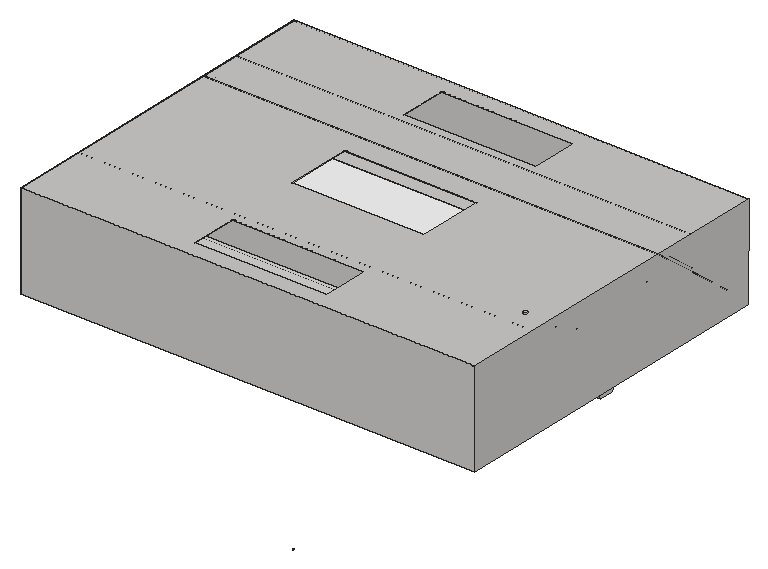
Revit family "QF_ELECTROLUXPROFESSIONAL_640235_STCF1824", category Specialty Equipment, Revit 2014
Reference planes
  plane 1: z = 0
  plane 2 "Center (Left/Right)": x = 150
  plane 3 "LEFT": x = -1050
  plane 4 "RIGHT": x = 1350
  plane 5 "BACK": y = 550
  plane 6 "TOP": z = 2500
  plane 7 "Base": z = 2000
  plane 8: z = 1955
  plane 9: x = -1047
  plane 10 "DrainX": x = 1230
  plane 11 "AOLeft2": x = 500
  plane 12: x = 1347
  plane 13: x = -850
  plane 14: x = 1150
  plane 15 "Center (Front/Back)": y = -350
  plane 16 "Front": y = -1250
  plane 17 "AOLeft1": x = -200
  plane 18 "EI_y": y = -770
  plane 19 "EIx": x = 1230
  plane 20: y = 464
  plane 21: y = 214
  plane 22: y = -1164
  plane 23: y = -914
  plane 24: y = -175
  plane 25: y = -525
Forms (mm)
  Extrusion 1, solid, material "QF_Finishes_Stainless Steel"
    sketch origin (-1050, 0, 360) x (0, 1, 0) y (0, 0, 1)
      loop
        line (550, 1640) -> (550, 2140) -> (-1250, 2140) -> (-1250, 1640) -> (550, 1640)
    from 0 to 3
  Extrusion 2, solid, material "QF_Finishes_Stainless Steel"
    sketch origin (1350, 0, 360) x (0, 1, 0) y (0, 0, 1)
      loop
        line (550, 1640) -> (550, 2140) -> (-1250, 2140) -> (-1250, 1640) -> (550, 1640)
    from 0 to -3
  Extrusion 3, solid, material "QF_Finishes_Stainless Steel"
    sketch origin (150, 0, 360) x (0, 1, 0) y (0, 0, 1)
      loop
        line (-1250, 2140) -> (-1250, 1640) -> (-1240, 1640) -> (-1240, 1640.8) -> (-1249.2, 1640.8) -> (-1249.2, 2139.19) -> (549.2, 2139.19) -> (549.2, 1640.8) -> (540, 1640.8) -> (540, 1640) -> (550, 1640) -> (550, 2140) -> (-1250, 2140)
    from -1200 to 1200
  Extrusion 4, solid, material "QF_Finishes_Stainless Steel"
    sketch origin (0, -840, 2000) x (0, 1, 0) y (-1, 0, 0)
      loop
        circle (490, -1230) r 4.763
    from -30 to 0
  Extrusion 5, void
    sketch origin (0, 0, 2500) x (0, 1, 0) y (-1, 0, 0)
      loop
        line (-1164, -500) -> (-914, -500) -> (-914, 200) -> (-1164, 200) -> (-1164, -500)
    from 0 to -10
  Extrusion 6, solid, material "QF_Finishes_Stainless Steel"
    sketch origin (0, 0, 0) x (1, 0, 0) y (0, 1, 0)
      loop
        line (-1050, 550) -> (-1050, 549) -> (-1049, 549) -> (-1049, 550) -> (-1050, 550)
    from 0 to 1
  Sweep 7, solid, material "QF_Finishes_Stainless Steel"
    path origin (0, 0, 0) x (1, 0, 0) y (0, 1, 0)
      loop
        line (1350, 550) -> (-1050, 550) -> (-1050, -1250) -> (1350, -1250) -> (1350, 550)
    profile origin (1350, -350, 0) x (1, 0, 0) y (0, 0, 1)
      loop
        line (-3, 2000) -> (-3, 2000.8) -> (-19, 2000.8) -> (-19, 2010) -> (-20, 2010) -> (-20, 2000) -> (-3, 2000)
  Extrusion 8, solid, material "QF_Finishes_Stainless Steel"
    sketch origin (150, -826.94, 0) x (0, 1, 0) y (0, 0, 1)
      loop
        line (414.66, 2095.469) -> (440.643, 2110.471) -> (261.744, 2411.771) -> (235.948, 2396.455) -> (414.66, 2095.469)
    from -1197 to -1000
  Extrusion 9, solid, material "QF_Finishes_Stainless Steel"
    sketch origin (1230, -840, 0) x (0, 1, 0) y (0, 0, 1)
      loop
        line (539, 2000) -> (441, 2000) -> (441, 1989) -> (448.5, 1989) -> (448.5, 1965)
        arc (448.5, 1965) -> (451.429, 1957.929) -> (458.5, 1955) r 10
        line (458.5, 1955) -> (521.5, 1955)
        arc (521.5, 1955) -> (528.571, 1957.929) -> (531.5, 1965) r 10
        line (531.5, 1965) -> (531.5, 1989) -> (539, 1989) -> (539, 2000)
    from 90 to -90
  Extrusion 10, solid, material "QF_Finishes_Stainless Steel"
    sketch origin (150, -826.94, 0) x (0, 1, 0) y (0, 0, 1)
      loop
        line (414.66, 2095.469) -> (440.643, 2110.471) -> (261.744, 2411.771) -> (235.948, 2396.455) -> (414.66, 2095.469)
    from 1000 to 1197
  Extrusion 11, solid, material "QF_Finished_Chrome"
    sketch origin (150, -826.94, 0) x (0, 1, 0) y (0, 0, 1)
      loop
        line (414.66, 2095.469) -> (440.643, 2110.471) -> (261.744, 2411.771) -> (235.948, 2396.455) -> (414.66, 2095.469)
    from -1000 to 1000
  Extrusion 12, void
    sketch origin (0, 1180, 2500) x (0, 1, 0) y (-1, 0, 0)
      loop
        line (-1355, -500) -> (-1355, 200) -> (-1705, 200) -> (-1705, -500) -> (-1355, -500)
    from 0 to -10
  Extrusion 13, solid, material "QF_Finishes_Stainless Steel"
    sketch origin (0, 0, 2500) x (0, 1, 0) y (-1, 0, 0)
      loop
        circle (-770, -1230) r 10
    from 0 to 1.6
  Extrusion 14, solid, material "QF_Finishes_Stainless Steel"
    sketch origin (150, -826.94, 360) x (0, 1, 0) y (0, 0, 1)
      loop
        line (430.005, 1640) -> (476.94, 1640) -> (476.94, 1640.8) -> (430.467, 1640.8) -> (371.906, 1742.23) -> (414.858, 1734.657) -> (442.266, 1750.481) -> (442.266, 1765.943) -> (441.466, 1765.943) -> (441.466, 1750.943) -> (414.709, 1735.495) -> (321.153, 1751.991) -> (320.875, 1750.416) -> (371.4, 1741.507) -> (430.005, 1640)
      loop
        line (172.529, 2139.19) -> (242.893, 2017.316) -> (245.133, 2018.715) -> (240.13, 2027.381) -> (238.569, 2026.405) -> (173.453, 2139.19) -> (172.529, 2139.19)
    from -1197 to 1197
  Extrusion 15, solid, material "QF_LAMPS"
    sketch origin (150, 0, 360) x (0, 1, 0) y (0, 0, 1)
      loop
        line (-872.823, 1962.324) -> (-718.948, 2086.929) -> (-727.129, 2097.032) -> (-881.003, 1972.426) -> (-872.823, 1962.324)
    from 1197 to -1197
  Extrusion 16, solid, material "QF_Finishes_Stainless Steel"
    sketch origin (150, 0, 360) x (0, 1, 0) y (0, 0, 1)
      loop
        line (-1250, 2139.19) -> (-1250, 1640) -> (-1186.602, 1640) -> (-1099.146, 1690.493) -> (-1110.058, 1709.394) -> (-1166.564, 1676.77) -> (-1214.704, 1680.982) -> (-1249.2, 1730.248) -> (-1249.2, 2139.19) -> (-1250, 2139.19)
      loop
        line (-873.6, 1961.694) -> (-881.937, 1971.99) -> (-869.095, 1982.182) -> (-869.095, 2139.19) -> (-869.895, 2139.19) -> (-869.895, 1982.569) -> (-1182.298, 1734.63) -> (-1171.091, 1720.79) -> (-873.6, 1961.694)
      loop
        line (-727.61, 2099.216) -> (-718.171, 2087.559) -> (-654.411, 2139.19) -> (-655.682, 2139.19) -> (-718.052, 2088.684) -> (-726.989, 2099.719) -> (-727.61, 2099.216)
    from -1197 to 1197
  Extrusion 17, solid, material "QF_Finishes_Stainless Steel"
    sketch origin (150, 126.94, 360) x (0, -1, 0) y (0, 0, -1)
      loop
        line (430.005, -1640) -> (371.4, -1741.507) -> (320.875, -1750.416) -> (321.153, -1751.991) -> (414.709, -1735.495) -> (441.466, -1750.943) -> (441.466, -1765.943) -> (442.266, -1765.943) -> (442.266, -1750.481) -> (414.858, -1734.657) -> (371.906, -1742.23) -> (430.467, -1640.8) -> (476.94, -1640.8) -> (476.94, -1640) -> (430.005, -1640)
      loop
        line (172.529, -2139.19) -> (173.453, -2139.19) -> (238.569, -2026.405) -> (240.13, -2027.381) -> (245.133, -2018.715) -> (242.893, -2017.316) -> (172.529, -2139.19)
    from -1197 to 1197
  Extrusion 18, solid, material "QF_LAMPS"
    sketch origin (150, -700, 360) x (0, -1, 0) y (0, 0, -1)
      loop
        line (-872.823, -1962.324) -> (-881.003, -1972.426) -> (-727.129, -2097.032) -> (-718.948, -2086.929) -> (-872.823, -1962.324)
    from 1197 to -1197
  Extrusion 19, solid, material "QF_Finishes_Stainless Steel"
    sketch origin (150, -700, 360) x (0, -1, 0) y (0, 0, -1)
      loop
        line (-1250, -2139.19) -> (-1249.2, -2139.19) -> (-1249.2, -1730.248) -> (-1214.704, -1680.982) -> (-1166.564, -1676.77) -> (-1110.058, -1709.394) -> (-1099.146, -1690.493) -> (-1186.602, -1640) -> (-1250, -1640) -> (-1250, -2139.19)
      loop
        line (-873.6, -1961.694) -> (-1171.091, -1720.79) -> (-1182.298, -1734.63) -> (-869.895, -1982.569) -> (-869.895, -2139.19) -> (-869.095, -2139.19) -> (-869.095, -1982.182) -> (-881.937, -1971.99) -> (-873.6, -1961.694)
      loop
        line (-727.61, -2099.216) -> (-726.989, -2099.719) -> (-718.052, -2088.684) -> (-655.682, -2139.19) -> (-654.411, -2139.19) -> (-718.171, -2087.559) -> (-727.61, -2099.216)
    from -1197 to 1197
  Extrusion 20, solid, material "QF_Finishes_Stainless Steel"
    sketch origin (150, 126.94, 0) x (0, -1, 0) y (0, 0, -1)
      loop
        line (414.66, -2095.469) -> (235.948, -2396.455) -> (261.744, -2411.771) -> (440.643, -2110.471) -> (414.66, -2095.469)
    from -1197 to -1000
  Extrusion 21, solid, material "QF_Finishes_Stainless Steel"
    sketch origin (150, 126.94, 0) x (0, -1, 0) y (0, 0, -1)
      loop
        line (414.66, -2095.469) -> (235.948, -2396.455) -> (261.744, -2411.771) -> (440.643, -2110.471) -> (414.66, -2095.469)
    from 1000 to 1197
  Extrusion 22, solid, material "QF_Finished_Chrome"
    sketch origin (150, 126.94, 0) x (0, -1, 0) y (0, 0, -1)
      loop
        line (414.66, -2095.469) -> (235.948, -2396.455) -> (261.744, -2411.771) -> (440.643, -2110.471) -> (414.66, -2095.469)
    from -1000 to 1000
  Extrusion 23, void
    sketch origin (0, 814, 2500) x (0, 1, 0) y (-1, 0, 0)
      loop
        line (-600, -500) -> (-350, -500) -> (-350, 200) -> (-600, 200) -> (-600, -500)
    from 0 to -10
Cuts and joins
  Extrusion 5, Extrusion 12, Extrusion 23 cuts Extrusion 3
  joined: Extrusion 2, Extrusion 3, Sweep 7
Lines and regions (mm)
  symbolic lines, style "SpecialityEquipment", detail levels coarse
    curve 1: line (1350, 550, 2500) -> (-1050, 550, 2500)
    curve 2: line (-1050, 550, 2500) -> (-1050, -1250, 2500)
    curve 3: line (1350, -1250, 2500) -> (1350, 550, 2500)
    curve 4: line (-1050, 550, 0) -> (1350, -1250, 0)
    curve 5: line (1350, 550, 0) -> (-1050, -1250, 0)
    curve 6: line (-1050, -1250, 0) -> (1350, -1250, 0)
  symbolic lines, detail levels coarse
    curve 7: line (-200, 464, 2500) -> (500, 464, 2500)
    curve 8: line (-200, 214, 2500) -> (-200, 464, 2500)
    curve 9: line (500, 214, 2500) -> (-200, 214, 2500)
    curve 10: line (500, 464, 2500) -> (500, 214, 2500)
    curve 11: line (-200, -175, 2500) -> (500, -175, 2500)
    curve 12: line (-200, -525, 2500) -> (-200, -175, 2500)
    curve 13: line (500, -525, 2500) -> (-200, -525, 2500)
    curve 14: line (500, -175, 2500) -> (500, -525, 2500)
    curve 15: line (-200, -914, 2500) -> (500, -914, 2500)
    curve 16: line (-200, -1164, 2500) -> (-200, -914, 2500)
    curve 17: line (500, -1164, 2500) -> (-200, -1164, 2500)
    curve 18: line (500, -914, 2500) -> (500, -1164, 2500)
Dimensions and locks
  plane 3 "LEFT" to plane 4 "RIGHT" = 2400 mm
  equal spacing: plane 3 "LEFT", plane 2 "Center (Left/Right)", plane 4 "RIGHT"
  plane 7 "Base" to plane 8 = 45 mm
  plane 3 "LEFT" to plane 9 = 3 mm
  plane 10 "DrainX" to plane 4 "RIGHT" = 120 mm
  plane 12 to plane 4 "RIGHT" = 3 mm
  plane 3 "LEFT" to plane 13 = 200 mm
  plane 14 to plane 4 "RIGHT" = 200 mm
  locked: plane 7 "Base" to level at 2000
  locked: plane 6 "TOP" to plane 7 "Base" at 500
  equal spacing: plane 5 "BACK", plane 15 "Center (Front/Back)", plane 16 "Front"
  locked: plane 18 "EI_y" to plane 16 "Front" at 480
  locked: plane 19 "EIx" to plane 4 "RIGHT" at 120
  locked: plane 5 "BACK" to plane 20 at 86
  plane 20 to plane 21 = 250 mm
  locked: plane 22 to plane 16 "Front" at 86
  locked: plane 22 to plane 23 at 250
  plane 24 to plane 15 "Center (Front/Back)" = 175 mm
  plane 15 "Center (Front/Back)" to plane 25 = 175 mm
  locked: plane 5 "BACK" to plane 16 "Front" at 1800
  plane 5 "BACK" to plane 16 "Front" = 1800 mm
  plane 24 to plane 25 = 350 mm
  equal spacing: plane 17 "AOLeft1", plane 2 "Center (Left/Right)", plane 11 "AOLeft2"
  locked: plane 17 "AOLeft1" to plane 11 "AOLeft2" at 700
  aligned and locked: level to plane 1
  aligned and locked: plane 4 "RIGHT" to Extrusion 3
  aligned and locked: Extrusion 3 to plane 3 "LEFT"
  aligned and locked: Extrusion 2 to plane 12
  aligned and locked: Extrusion 8 to plane 9
  aligned and locked: plane 17 "AOLeft1" to Extrusion 5
  aligned and locked: Extrusion 5 to plane 11 "AOLeft2"
  aligned and locked: Extrusion 8 to plane 13
  aligned and locked: plane 14 to Extrusion 10
  aligned and locked: plane 12 to Extrusion 10
  aligned and locked: plane 13 to Extrusion 11
  aligned and locked: Extrusion 11 to plane 14
  aligned and locked: Extrusion 12 to plane 17 "AOLeft1"
  aligned and locked: Extrusion 12 to plane 11 "AOLeft2"
  aligned and locked: Extrusion 14 to plane 9
  aligned and locked: plane 12 to Extrusion 14
  aligned and locked: Extrusion 22 to plane 13
  aligned and locked: Extrusion 22 to plane 14
  aligned and locked: plane 22 to Extrusion 5
  aligned and locked: Extrusion 5 to plane 23
  aligned and locked: Extrusion 23 to plane 17 "AOLeft1"
  aligned and locked: Extrusion 23 to plane 11 "AOLeft2"
  aligned and locked: plane 24 to Extrusion 12
  aligned and locked: Extrusion 12 to plane 25
  aligned and locked: plane 20 to Extrusion 23
  aligned and locked: Extrusion 23 to plane 21
  aligned and locked: Extrusion 19 to plane 9
  aligned and locked: Extrusion 18 to plane 9
  aligned and locked: Extrusion 17 to plane 9
  aligned and locked: plane 9 to Extrusion 20
  aligned and locked: Extrusion 16 to plane 9
  aligned and locked: Extrusion 15 to plane 9
  aligned and locked: plane 12 to Extrusion 19
  aligned and locked: plane 12 to Extrusion 18
  aligned and locked: plane 12 to Extrusion 17
  aligned and locked: Extrusion 21 to plane 12
  aligned and locked: plane 12 to Extrusion 15
  aligned and locked: Extrusion 16 to plane 12
  aligned and locked: Extrusion 20 to plane 13
  aligned and locked: plane 14 to Extrusion 21
Automatic sketch dimensions
  curve 6 to plane 3 "LEFT" = 0 mm
  curve 4 to plane 3 "LEFT" = 0 mm
  curve 5 to plane 4 "RIGHT" = 0 mm
  curve 6 to plane 4 "RIGHT" = 0 mm
  curve 4 to plane 16 "Front" = 0 mm
  curve 5 to plane 5 "BACK" = 0 mm
  curve 4 to plane 5 "BACK" = 0 mm
  Extrusion 1 sketch curve to plane 7 "Base" = 0 mm
  Extrusion 1 sketch curve to plane 16 "Front" = 0 mm
  Extrusion 1 sketch curve to plane 5 "BACK" = 0 mm
  Extrusion 1 sketch curve to plane 6 "TOP" = 0 mm
  Extrusion 2 sketch curve to plane 7 "Base" = 0 mm
  Extrusion 2 sketch curve to plane 16 "Front" = 0 mm
  Extrusion 2 sketch curve to plane 5 "BACK" = 0 mm
  Extrusion 2 sketch curve to plane 6 "TOP" = 0 mm
  Extrusion 3 sketch curve to plane 6 "TOP" = 0 mm
  Extrusion 3 sketch curve to plane 16 "Front" = 0 mm
  Extrusion 3 sketch curve to plane 7 "Base" = 0 mm  (x2)
  Extrusion 3 sketch curve to plane 5 "BACK" = 0 mm
  plane 16 "Front" to Extrusion 3 sketch curve = 0.8 mm
  Extrusion 3 sketch curve to Extrusion 3 sketch curve = 9.2 mm
  plane 7 "Base" to Extrusion 3 sketch curve = 0.8 mm  (x2)
  Extrusion 3 sketch curve to plane 5 "BACK" = 10 mm
  Extrusion 3 sketch curve to plane 5 "BACK" = 0.8 mm
  Extrusion 3 sketch curve to plane 6 "TOP" = 0.81 mm
  Extrusion 4 sketch curve to plane 10 "DrainX" = 0 mm
  Extrusion 4 sketch curve to plane 15 "Center (Front/Back)" = 0 mm
  Extrusion 5 sketch curve to plane 17 "AOLeft1" = 0 mm
  plane 22 to Extrusion 5 sketch curve = 0 mm
  Extrusion 5 sketch curve to plane 11 "AOLeft2" = 0 mm
  plane 23 to Extrusion 5 sketch curve = 0 mm
  Extrusion 6 sketch curve to plane 3 "LEFT" = 0 mm
  Extrusion 6 sketch curve to plane 5 "BACK" = 0 mm
  plane 3 "LEFT" to Extrusion 6 sketch curve = 1 mm
  Extrusion 6 sketch curve to Extrusion 6 sketch curve = 1 mm
  Sweep 7 sketch curve to plane 3 "LEFT" = 0 mm
  Sweep 7 sketch curve to plane 4 "RIGHT" = 0 mm
  Sweep 7 sketch curve to plane 16 "Front" = 0 mm
  Sweep 7 sketch curve to plane 5 "BACK" = 0 mm
  profile plane to Sweep 7 sketch curve = 20 mm
  Sweep 7 sketch curve to Sweep 7 sketch curve = 1 mm
  profile plane to Sweep 7 sketch curve = 3 mm
  level to Sweep 7 sketch curve = 2000 mm
  Sweep 7 sketch curve to Sweep 7 sketch curve = 0.8 mm
  Sweep 7 sketch curve to Sweep 7 sketch curve = 9.2 mm
  Extrusion 8 sketch curve to plane 25 = 65.992 mm
  Extrusion 8 sketch curve to Extrusion 8 sketch curve = 25.795 mm
  Extrusion 8 sketch curve to plane 15 "Center (Front/Back)" = 62.28 mm
  Extrusion 8 sketch curve to Extrusion 8 sketch curve = 25.983 mm
  plane 7 "Base" to Extrusion 8 sketch curve = 95.469 mm
  Extrusion 8 sketch curve to Extrusion 8 sketch curve = 15.001 mm
  Extrusion 8 sketch curve to plane 6 "TOP" = 103.545 mm
  Extrusion 8 sketch curve to Extrusion 8 sketch curve = 15.316 mm
  Extrusion 9 sketch curve to plane 8 = 0 mm
  Extrusion 9 sketch curve to plane 7 "Base" = 11 mm  (x2)
  Extrusion 9 sketch curve to plane 15 "Center (Front/Back)" = 49 mm
  Extrusion 9 sketch curve to Extrusion 9 sketch curve = 7.5 mm  (x2)
  Extrusion 9 sketch curve to Extrusion 9 sketch curve = 10 mm  (x2)
  plane 15 "Center (Front/Back)" to Extrusion 9 sketch curve = 31.5 mm
  plane 7 "Base" to Extrusion 9 sketch curve = 0 mm
  Extrusion 10 sketch curve to plane 25 = 65.992 mm
  Extrusion 10 sketch curve to Extrusion 10 sketch curve = 25.795 mm
  Extrusion 10 sketch curve to plane 15 "Center (Front/Back)" = 62.28 mm
  Extrusion 10 sketch curve to Extrusion 10 sketch curve = 25.983 mm
  plane 7 "Base" to Extrusion 10 sketch curve = 95.469 mm
  Extrusion 10 sketch curve to Extrusion 10 sketch curve = 15.001 mm
  Extrusion 10 sketch curve to plane 6 "TOP" = 103.545 mm
  Extrusion 10 sketch curve to Extrusion 10 sketch curve = 15.316 mm
  Extrusion 11 sketch curve to plane 25 = 65.992 mm
  Extrusion 11 sketch curve to Extrusion 11 sketch curve = 25.795 mm
  Extrusion 11 sketch curve to plane 15 "Center (Front/Back)" = 62.28 mm
  Extrusion 11 sketch curve to Extrusion 11 sketch curve = 25.983 mm
  plane 7 "Base" to Extrusion 11 sketch curve = 95.469 mm
  Extrusion 11 sketch curve to Extrusion 11 sketch curve = 15.001 mm
  Extrusion 11 sketch curve to plane 6 "TOP" = 103.545 mm
  Extrusion 11 sketch curve to Extrusion 11 sketch curve = 15.316 mm
  Extrusion 12 sketch curve to plane 11 "AOLeft2" = 0 mm
  Extrusion 12 sketch curve to plane 21 = 739 mm
  Extrusion 12 sketch curve to plane 20 = 639 mm
  Extrusion 12 sketch curve to plane 17 "AOLeft1" = 0 mm
  Extrusion 13 sketch curve to plane 18 "EI_y" = 0 mm
  Extrusion 13 sketch curve to plane 19 "EIx" = 0 mm
  Extrusion 14 sketch curve to plane 7 "Base" = 0 mm
  Extrusion 14 sketch curve to plane 6 "TOP" = 0.81 mm
  plane 18 "EI_y" to Extrusion 14 sketch curve = 115.589 mm
  Extrusion 14 sketch curve to Extrusion 14 sketch curve = 0.924 mm
  Extrusion 14 sketch curve to plane 25 = 63.371 mm
  Extrusion 14 sketch curve to Extrusion 14 sketch curve = 1.561 mm
  Extrusion 14 sketch curve to Extrusion 14 sketch curve = 4.324 mm
  Extrusion 14 sketch curve to Extrusion 14 sketch curve = 2.24 mm
  plane 25 to Extrusion 14 sketch curve = 18.935 mm
  Extrusion 14 sketch curve to Extrusion 14 sketch curve = 0.278 mm
  Extrusion 14 sketch curve to Extrusion 14 sketch curve = 50.525 mm
  Extrusion 14 sketch curve to Extrusion 14 sketch curve = 0.506 mm
  Extrusion 14 sketch curve to Extrusion 14 sketch curve = 42.803 mm
  Extrusion 14 sketch curve to Extrusion 14 sketch curve = 0.148 mm
  Extrusion 14 sketch curve to plane 15 "Center (Front/Back)" = 46.935 mm
  plane 7 "Base" to Extrusion 14 sketch curve = 0.8 mm
  Extrusion 14 sketch curve to Extrusion 14 sketch curve = 0.462 mm  (x2)
  Extrusion 14 sketch curve to Extrusion 14 sketch curve = 46.473 mm
  Extrusion 14 sketch curve to plane 15 "Center (Front/Back)" = 35.474 mm
  Extrusion 14 sketch curve to Extrusion 14 sketch curve = 0.8 mm
  plane 7 "Base" to Extrusion 14 sketch curve = 94.657 mm
  Extrusion 14 sketch curve to Extrusion 14 sketch curve = 0.838 mm
  Extrusion 14 sketch curve to Extrusion 14 sketch curve = 6.012 mm
  Extrusion 14 sketch curve to Extrusion 14 sketch curve = 0.723 mm
  Extrusion 14 sketch curve to Extrusion 14 sketch curve = 14.986 mm
  Extrusion 14 sketch curve to Extrusion 14 sketch curve = 15 mm
  Extrusion 14 sketch curve to plane 6 "TOP" = 122.684 mm
  Extrusion 14 sketch curve to Extrusion 14 sketch curve = 1.399 mm
  Extrusion 14 sketch curve to Extrusion 14 sketch curve = 9.089 mm
  Extrusion 14 sketch curve to Extrusion 14 sketch curve = 0.975 mm
  Extrusion 15 sketch curve to plane 23 = 32.997 mm
  Extrusion 15 sketch curve to Extrusion 15 sketch curve = 8.181 mm  (x2)
  plane 18 "EI_y" to Extrusion 15 sketch curve = 42.871 mm
  Extrusion 15 sketch curve to plane 6 "TOP" = 177.676 mm
  Extrusion 15 sketch curve to Extrusion 15 sketch curve = 10.102 mm
  Extrusion 15 sketch curve to plane 6 "TOP" = 53.071 mm
  Extrusion 15 sketch curve to Extrusion 15 sketch curve = 10.103 mm
  Extrusion 16 sketch curve to plane 7 "Base" = 0 mm
  Extrusion 16 sketch curve to plane 16 "Front" = 0 mm
  Extrusion 16 sketch curve to Extrusion 16 sketch curve = 0.8 mm  (x2)
  plane 16 "Front" to Extrusion 16 sketch curve = 35.296 mm
  plane 22 to Extrusion 16 sketch curve = 22.602 mm
  plane 22 to Extrusion 16 sketch curve = 18.298 mm
  plane 22 to Extrusion 16 sketch curve = 7.091 mm
  plane 22 to Extrusion 16 sketch curve = 2.564 mm
  Extrusion 16 sketch curve to plane 22 = 53.942 mm
  Extrusion 16 sketch curve to Extrusion 16 sketch curve = 10.912 mm
  Extrusion 16 sketch curve to plane 23 = 32.063 mm
  Extrusion 16 sketch curve to Extrusion 16 sketch curve = 8.337 mm
  Extrusion 16 sketch curve to Extrusion 16 sketch curve = 12.042 mm
  plane 18 "EI_y" to Extrusion 16 sketch curve = 42.39 mm
  Extrusion 16 sketch curve to Extrusion 16 sketch curve = 0.622 mm
  Extrusion 16 sketch curve to Extrusion 16 sketch curve = 9.44 mm
  Extrusion 16 sketch curve to Extrusion 16 sketch curve = 0.118 mm
  Extrusion 16 sketch curve to plane 6 "TOP" = 0.81 mm  (x3)
  Extrusion 16 sketch curve to Extrusion 16 sketch curve = 62.37 mm
  Extrusion 16 sketch curve to Extrusion 16 sketch curve = 1.271 mm
  plane 7 "Base" to Extrusion 16 sketch curve = 36.77 mm
  plane 7 "Base" to Extrusion 16 sketch curve = 40.982 mm
  plane 7 "Base" to Extrusion 16 sketch curve = 50.493 mm
  Extrusion 16 sketch curve to Extrusion 16 sketch curve = 18.901 mm
  Extrusion 16 sketch curve to Extrusion 16 sketch curve = 44.02 mm
  Extrusion 16 sketch curve to Extrusion 16 sketch curve = 49.266 mm
  Extrusion 16 sketch curve to Extrusion 16 sketch curve = 13.84 mm
  Extrusion 16 sketch curve to plane 6 "TOP" = 178.306 mm
  Extrusion 16 sketch curve to Extrusion 16 sketch curve = 10.296 mm
  Extrusion 16 sketch curve to Extrusion 16 sketch curve = 10.192 mm
  Extrusion 16 sketch curve to Extrusion 16 sketch curve = 0.386 mm
  Extrusion 16 sketch curve to plane 6 "TOP" = 52.441 mm
  Extrusion 16 sketch curve to Extrusion 16 sketch curve = 1.125 mm
  Extrusion 17 sketch curve to plane 7 "Base" = 0 mm
  plane 6 "TOP" to Extrusion 17 sketch curve = 0.81 mm
  Extrusion 17 sketch curve to plane 24 = 129.411 mm
  Extrusion 17 sketch curve to Extrusion 17 sketch curve = 0.924 mm
  Extrusion 17 sketch curve to plane 24 = 63.371 mm
  Extrusion 17 sketch curve to Extrusion 17 sketch curve = 1.561 mm
  Extrusion 17 sketch curve to Extrusion 17 sketch curve = 4.324 mm
  Extrusion 17 sketch curve to Extrusion 17 sketch curve = 2.24 mm
  plane 24 to Extrusion 17 sketch curve = 18.935 mm
  Extrusion 17 sketch curve to Extrusion 17 sketch curve = 0.278 mm
  Extrusion 17 sketch curve to Extrusion 17 sketch curve = 50.525 mm
  Extrusion 17 sketch curve to Extrusion 17 sketch curve = 0.506 mm
  Extrusion 17 sketch curve to Extrusion 17 sketch curve = 42.803 mm
  Extrusion 17 sketch curve to Extrusion 17 sketch curve = 0.148 mm
  Extrusion 17 sketch curve to plane 15 "Center (Front/Back)" = 46.935 mm
  Extrusion 17 sketch curve to plane 7 "Base" = 0.8 mm
  Extrusion 17 sketch curve to Extrusion 17 sketch curve = 0.462 mm  (x2)
  Extrusion 17 sketch curve to Extrusion 17 sketch curve = 46.473 mm
  Extrusion 17 sketch curve to plane 15 "Center (Front/Back)" = 35.474 mm
  Extrusion 17 sketch curve to Extrusion 17 sketch curve = 0.8 mm
  Extrusion 17 sketch curve to plane 7 "Base" = 94.657 mm
  Extrusion 17 sketch curve to Extrusion 17 sketch curve = 0.838 mm
  Extrusion 17 sketch curve to Extrusion 17 sketch curve = 6.012 mm
  Extrusion 17 sketch curve to Extrusion 17 sketch curve = 0.723 mm
  Extrusion 17 sketch curve to Extrusion 17 sketch curve = 14.986 mm
  Extrusion 17 sketch curve to Extrusion 17 sketch curve = 15 mm
  plane 6 "TOP" to Extrusion 17 sketch curve = 122.684 mm
  Extrusion 17 sketch curve to Extrusion 17 sketch curve = 1.399 mm
  Extrusion 17 sketch curve to Extrusion 17 sketch curve = 9.089 mm
  Extrusion 17 sketch curve to Extrusion 17 sketch curve = 0.975 mm
  plane 21 to Extrusion 18 sketch curve = 32.997 mm
  Extrusion 18 sketch curve to Extrusion 18 sketch curve = 8.181 mm  (x2)
  plane 6 "TOP" to Extrusion 18 sketch curve = 42.968 mm
  plane 21 to Extrusion 18 sketch curve = 186.871 mm
  plane 6 "TOP" to Extrusion 18 sketch curve = 53.071 mm
  plane 6 "TOP" to Extrusion 18 sketch curve = 167.574 mm
  Extrusion 18 sketch curve to Extrusion 18 sketch curve = 10.102 mm
  Extrusion 19 sketch curve to plane 5 "BACK" = 0 mm
  Extrusion 19 sketch curve to plane 7 "Base" = 0 mm
  Extrusion 19 sketch curve to Extrusion 19 sketch curve = 0.8 mm  (x2)
  plane 5 "BACK" to Extrusion 19 sketch curve = 35.296 mm
  Extrusion 19 sketch curve to plane 20 = 22.602 mm
  Extrusion 19 sketch curve to plane 20 = 18.298 mm
  Extrusion 19 sketch curve to plane 20 = 7.091 mm
  Extrusion 19 sketch curve to plane 20 = 2.564 mm
  plane 20 to Extrusion 19 sketch curve = 53.942 mm
  Extrusion 19 sketch curve to Extrusion 19 sketch curve = 10.912 mm
  plane 21 to Extrusion 19 sketch curve = 32.063 mm
  Extrusion 19 sketch curve to Extrusion 19 sketch curve = 8.337 mm
  Extrusion 19 sketch curve to Extrusion 19 sketch curve = 12.042 mm
  plane 6 "TOP" to Extrusion 19 sketch curve = 40.784 mm
  Extrusion 19 sketch curve to Extrusion 19 sketch curve = 141.485 mm
  plane 6 "TOP" to Extrusion 19 sketch curve = 40.281 mm
  Extrusion 19 sketch curve to Extrusion 19 sketch curve = 0.622 mm
  plane 6 "TOP" to Extrusion 19 sketch curve = 52.441 mm
  plane 6 "TOP" to Extrusion 19 sketch curve = 51.316 mm
  plane 6 "TOP" to Extrusion 19 sketch curve = 0.81 mm  (x3)
  Extrusion 19 sketch curve to Extrusion 19 sketch curve = 62.37 mm
  Extrusion 19 sketch curve to Extrusion 19 sketch curve = 1.271 mm
  Extrusion 19 sketch curve to plane 7 "Base" = 36.77 mm
  Extrusion 19 sketch curve to plane 7 "Base" = 40.982 mm
  Extrusion 19 sketch curve to plane 7 "Base" = 50.493 mm
  Extrusion 19 sketch curve to Extrusion 19 sketch curve = 18.901 mm
  Extrusion 19 sketch curve to Extrusion 19 sketch curve = 44.02 mm
  Extrusion 19 sketch curve to Extrusion 19 sketch curve = 49.266 mm
  Extrusion 19 sketch curve to Extrusion 19 sketch curve = 13.84 mm
  plane 6 "TOP" to Extrusion 19 sketch curve = 178.306 mm
  Extrusion 19 sketch curve to Extrusion 19 sketch curve = 10.296 mm
  Extrusion 19 sketch curve to Extrusion 19 sketch curve = 10.192 mm
  Extrusion 19 sketch curve to Extrusion 19 sketch curve = 0.386 mm
  Extrusion 20 sketch curve to plane 24 = 65.992 mm
  Extrusion 20 sketch curve to Extrusion 20 sketch curve = 25.795 mm
  Extrusion 20 sketch curve to plane 15 "Center (Front/Back)" = 62.28 mm
  Extrusion 20 sketch curve to Extrusion 20 sketch curve = 25.983 mm
  Extrusion 20 sketch curve to plane 7 "Base" = 95.469 mm
  Extrusion 20 sketch curve to Extrusion 20 sketch curve = 15.001 mm
  plane 6 "TOP" to Extrusion 20 sketch curve = 103.545 mm
  Extrusion 20 sketch curve to Extrusion 20 sketch curve = 15.316 mm
  Extrusion 21 sketch curve to plane 24 = 65.992 mm
  Extrusion 21 sketch curve to Extrusion 21 sketch curve = 25.795 mm
  Extrusion 21 sketch curve to plane 15 "Center (Front/Back)" = 62.28 mm
  Extrusion 21 sketch curve to Extrusion 21 sketch curve = 25.983 mm
  Extrusion 21 sketch curve to plane 7 "Base" = 95.469 mm
  Extrusion 21 sketch curve to Extrusion 21 sketch curve = 15.001 mm
  plane 6 "TOP" to Extrusion 21 sketch curve = 103.545 mm
  Extrusion 21 sketch curve to Extrusion 21 sketch curve = 15.316 mm
  Extrusion 22 sketch curve to plane 24 = 65.992 mm
  Extrusion 22 sketch curve to Extrusion 22 sketch curve = 25.795 mm
  Extrusion 22 sketch curve to plane 15 "Center (Front/Back)" = 62.28 mm
  Extrusion 22 sketch curve to Extrusion 22 sketch curve = 25.983 mm
  Extrusion 22 sketch curve to plane 7 "Base" = 95.469 mm
  Extrusion 22 sketch curve to Extrusion 22 sketch curve = 15.001 mm
  plane 6 "TOP" to Extrusion 22 sketch curve = 103.545 mm
  Extrusion 22 sketch curve to Extrusion 22 sketch curve = 15.316 mm
  plane 15 "Center (Front/Back)" to Extrusion 23 sketch curve = 564 mm
  plane 11 "AOLeft2" to Extrusion 23 sketch curve = 0 mm
  plane 17 "AOLeft1" to Extrusion 23 sketch curve = 0 mm
  plane 24 to Extrusion 23 sketch curve = 639 mm
  curve 2 to plane 3 "LEFT" = 0 mm
  curve 2 to plane 16 "Front" = 0 mm
  curve 3 to plane 4 "RIGHT" = 0 mm
  curve 3 to plane 16 "Front" = 0 mm
  curve 17 to plane 17 "AOLeft1" = 0 mm
  plane 22 to curve 17 = 0 mm
  plane 23 to curve 16 = 0 mm
  curve 12 to plane 17 "AOLeft1" = 0 mm
  curve 12 to plane 25 = 0 mm
  curve 11 to plane 11 "AOLeft2" = 0 mm
  curve 11 to plane 24 = 0 mm
  curve 8 to plane 17 "AOLeft1" = 0 mm
  curve 8 to plane 21 = 0 mm
  curve 8 to plane 20 = 0 mm
  curve 2 to plane 5 "BACK" = 0 mm
  curve 15 to plane 11 "AOLeft2" = 0 mm
  curve 7 to plane 11 "AOLeft2" = 0 mm
  radius of Extrusion 4 sketch curve = 4.763 mm
  radius of Extrusion 13 sketch curve = 10 mm
Connectors
  piping at (1230, -350, 1970), diameter 9.5
    settings: on Extrusion 4, index 1, connector inside diameter 609.6 mm, connector length 0 mm, flow factor 0, pipe flow 0.0 L/s, pressure drop 0.0 Pa, fitting loss kfactor 0, connector angle 0.00°, fixture units 0, engagement length 0 mm, angle of deflection 0.00°, flow configuration 1, flow direction 2, fitting loss method 0, system type 16, joint type 0, gender type 0, connector reference index -1, connector utility 0, adjustable connector no, is connector primary yes, connector description "Drain"
  hvac at (150, -1039, 2500)
    settings: on Extrusion 5, index 2, duct flow 0.0 L/s, flow factor 0, pres drop 0.0 Pa, loss coef 0, conn angle 0.00°, conn width 250 mm, conn height 700 mm, conn diameter 609.6 mm, duct sys type 1, conn prof type 1, flow config 1, flow direction 1, loss method 0, conn ref index -1, conn util no, is conn primary yes, conn desc "AIR INLET"
  hvac at (150, -350, 2500)
    settings: on Extrusion 12, index 4, duct flow 0.0 L/s, flow factor 0, pres drop 0.0 Pa, loss coef 0, conn angle 0.00°, conn width 350 mm, conn height 700 mm, conn diameter 609.6 mm, duct sys type 3, conn prof type 1, flow config 1, flow direction 2, loss method 0, conn ref index -1, conn util no, is conn primary no, conn desc "EXHAUST OUTLET"
  electrical at (1230, -770, 2501.6)
    settings: on Extrusion 13, index 6, voltage 0 V, apparent load 0 VA, apparent load phase1 0 VA, apparent load phase2 0 VA, apparent load phase3 0 VA, power factor 1, load classification "Other", number of poles 1, system type 30, power factor state 1, is connector primary yes, connector utility no, sub classification motor no, connector description "Electrical Connection"
  hvac at (150, 339, 2500)
    settings: on Extrusion 23, index 7, duct flow 0.0 L/s, flow factor 0, pres drop 0.0 Pa, loss coef 0, conn angle 0.00°, conn width 250 mm, conn height 700 mm, conn diameter 609.6 mm, duct sys type 1, conn prof type 1, flow config 1, flow direction 1, loss method 0, conn ref index -1, conn util no, is conn primary no, conn desc "AIR INLET"
